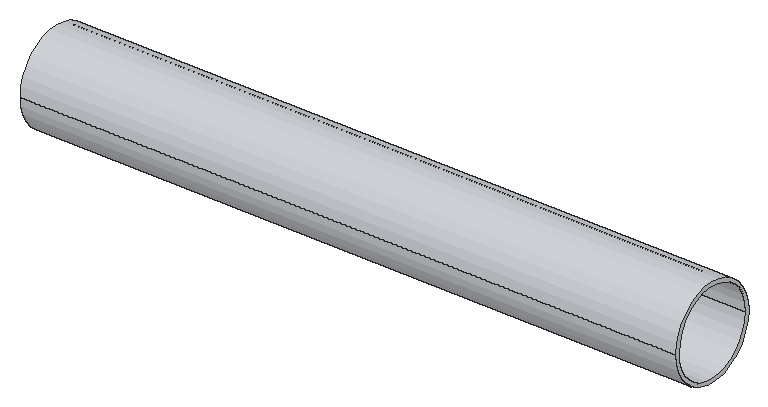
Revit family "StructuralFraming_Tube", category Structural Framing, Revit 2018
Family settings
  Structural Framing Length Roundoff = 1 mm
  Section Shape = Pipe Standard
  Material for Model Behavior = Steel
  Always export as geometry = No
  Always vertical = Yes
  Cut with Voids When Loaded = No
  Symbolic Representation = From Project Settings
  Shared = No
  Show family pre-cut in plan views = Yes
Parameters (values of type "TRON168x6.3")
  Wall Nominal Thickness = 6 mm
  Structural Material [instance] = none
  Length [instance] = 1500 mm
  Diameter = 168 mm
  Centroid Vertical = 0 mm
  Centroid Horizontal = 0 mm
  Assembly Code = ""
Reference planes
  plane 1 "Center (Front/Back)": y = 0
  plane 2: z = 0
  plane 3 "Center (Left/Right)": x = 4.61
  plane 4 "Member Left": x = -604.99
  plane 5 "Member Right": x = 614.21
  plane 6: y = 84
  plane 7: y = -84
  plane 8 "Top": z = 84
  plane 9: z = -84
  plane 10 "Left": x = -757.39
  plane 11 "Right": x = 742.61
Forms (mm)
  Extrusion 1, solid, material <- "Structural Material", detail levels medium+fine
    sketch origin (4.61, 0, 0) x (0, 1, 0) y (0, 0, 1)
      loop
        circle (0, 0) r 84
      loop
        circle (0, 0) r 78
    from -609.6 to 609.6
Lines and regions (mm)
  symbolic lines, style "Stick Symbols", detail levels coarse
    curve 1: arc (0, 84, 0) -> (0, 0, -84) -> (0, -84, 0) r 84
    curve 2: arc (0, -84, 0) -> (0, 0, 84) -> (0, 84, 0) r 84
Dimensions and locks
  "Diameter": plane 6 to plane 7
  "Diameter": plane 9 to plane 8 "Top"
  equal spacing: plane 9, plane 2, plane 8 "Top"
  equal spacing: plane 6, plane 1 "Center (Front/Back)", plane 7
  "Length": plane 10 "Left" to plane 11 "Right"
  "Wall Nominal Thickness": plane 6 to Extrusion 1 sketch curve
  "Wall Nominal Thickness": Extrusion 1 sketch curve to plane 7
  aligned and locked: plane 4 "Member Left" to Extrusion 1
  aligned and locked: Extrusion 1 to plane 5 "Member Right"
Automatic sketch dimensions
  curve 1 to level = 0 mm
  curve 1 to plane 7 = 0 mm
  curve 1 to plane 1 "Center (Front/Back)" = 0 mm
  Extrusion 1 sketch curve to Extrusion 1 sketch curve = 0 mm  (x2)
  Extrusion 1 sketch curve to level = 0 mm
  Extrusion 1 sketch curve to plane 7 = 0 mm
